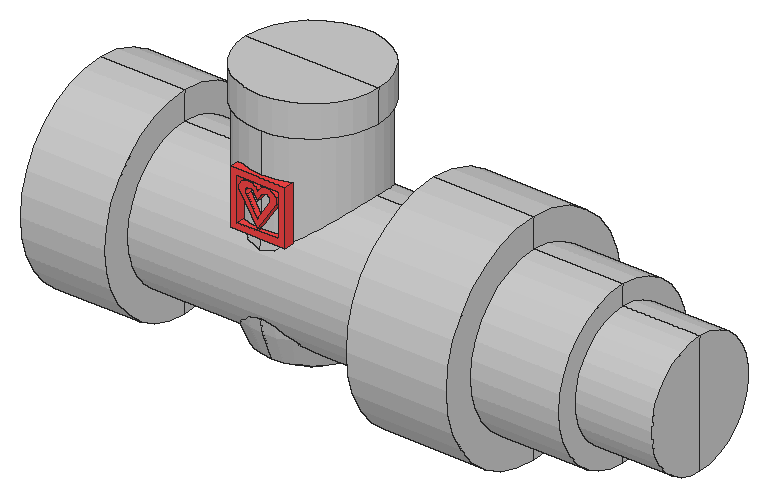
Revit family "RL-1 Return Valve Straight Model 3723", category Rohrzubehör, Revit 2020
Family settings
  Bemaßung runder Anschluss = Durchmesser verwenden
  Teiletyp = Unterbricht
  OmniClass-Nummer = 23.65.55.14
  OmniClass-Titel = Valves for Liquid Services
  Arbeitsebenenbasiert = Nein
  Immer vertikal = Nein
  Beim Laden mit Abzugskörper schneiden = Nein
  Gemeinsam genutzt = Nein
Parameters
  W01 = 60.00°  # constant formula
  Vorgabe-Ansicht = 0.000 mm
  URL = "www.herzvalves.com"
  SCRNSEQ = "ARM;ARM_TYP=\"ALLF\";2"
  SCRNCODE = "05;01;02"  # constant formula
  S04 = 45.000 mm  # constant formula
  S03 = 61.000 mm  # constant formula
  S02 [instance] = L05 + L06 + L07  # 63.900 mm
  S01 = 10.000 mm  # constant formula
  R06 = 11.000 mm  # constant formula
  R05 = 25.000 mm  # constant formula
  R04 = 2.000 mm  # constant formula
  R03 = 28.000 mm  # constant formula
  R02 = 11.500 mm  # constant formula
  R01 = 10.500 mm  # constant formula
  Part number [instance] = size_lookup("3723_1_", "Artnr", 0, Nennweite)  # 1372342
  Nennweite [instance] = 20.000 mm
  Model = "All models are nickel-plated and are universal models with special socket for threaded pipe and compression union."
  Medium = "Hot water purity according to Austrian standard ÖNORM H 5195 and/or VDI guideline 2035."
  Max. operating temperature = 110 °C  # constant formula
  Max. operating pressure = 1000000.0 Pa  # constant formula
  LO1 = 7.000 mm  # constant formula
  L07 [instance] = size_lookup("3723_1_", "L7", 1.000 mm, Nennweite)  # 27.400 mm
  L06 [instance] = size_lookup("3723_1_", "L6", 1.000 mm, Nennweite)  # 16.500 mm
  L05 [instance] = L02 - L04  # 20.000 mm
  L04 [instance] = size_lookup("3723_1_", "L4", 1.000 mm, Nennweite)  # 10.000 mm
  L03 [instance] = size_lookup("3723_1_", "L3", 1.000 mm, Nennweite)  # 14.000 mm
  L02 [instance] = size_lookup("3723_1_", "L2", 1.000 mm, Nennweite)  # 30.000 mm
  L01 [instance] = size_lookup("3723_1_", "L1", 1.000 mm, Nennweite)  # 35.000 mm
  Hersteller = "HERZ Armaturen Ges.m.b.H."  # constant formula
  H05 = 5.200 mm  # constant formula
  H04 = 3.500 mm  # constant formula
  H03 = 28.000 mm  # constant formula
  H02 [instance] = 25.500 mm  # constant formula
  H01 = 17.000 mm  # constant formula
  Body = "nickel-plated"  # constant formula
  GTI [instance] = size_lookup("3723_1_", "GT1", 1.000 mm, Nennweite)  # 12.700 mm
  GT [instance] = size_lookup("3723_1_", "GT", 1.000 mm, Nennweite)  # 9.500 mm
  G2 [instance] = Nennweite / 2  # 10.000 mm
  G1 [instance] = Nennweite / 2  # 10.000 mm
  D05 [instance] = size_lookup("3723_1_", "D5", 1.000 mm, Nennweite)  # 13.220 mm
  D04 [instance] = size_lookup("3723_1_", "D4", 1.000 mm, Nennweite)  # 18.000 mm
  D03 [instance] = size_lookup("3723_1_", "D3", 1.000 mm, Nennweite)  # 13.000 mm
  D02 [instance] = size_lookup("3723_1_", "D2", 1.000 mm, Nennweite)  # 12.000 mm
  D01 [instance] = size_lookup("3723_1_", "D1", 1.000 mm, Nennweite)  # 16.500 mm
  Application = "Hot Water Heating Systems\r\nAfter installation of the return valve it is possible to close the radiator return connection.\r\nWhen the intake valve is closed simultaneously (0-position for thermostatic valves) it is possible to remove the radiator while the heating system remains under pressure.\r\nThus, it is possible to perform servicing operations and to work behind the radiator (wall-papering, laying tiles) without having to switch off the rest of the system.\r\nIf presetting of the return valve or filling and draining of the radiators or of the entire system through the return valve is required, we recommend using the HERZ-RL-5 return valve."
Reference planes
  plane 1 "Mitte (Vorne/hinten)": y = 0
  plane 2: z = 0
  plane 3 "Mitte (Links/rechts)": x = 0
Forms (mm)
  Revolve 1, solid, material "Messing, weicher Gelbton, geschweißt", detail levels fine
    sketch origin (0, 0, 0) x (1, 0, 0) y (0, 0, 1)
      loop
        line (-25.5, 0) -> (30, 0) -> (30, 13) -> (20, 13) -> (20, 12) -> (-21, 12) -> (-21, 16.5) -> (-35, 16.5) -> (-35, 10) -> (-25.5, 10) -> (-25.5, 0)
      axis (-35, 0) -> (30, 0)
    angle from 0 to 360
  Revolve 2, solid, material "Messing, weicher Gelbton, geschweißt", detail levels fine
    sketch origin (0, 0, 0) x (0, 1, 0) y (0, 0, 1)
      loop
        line (0, 25.5) -> (-10.5, 25.5) -> (-10.5, 7)
        arc (-10.5, 7) -> (-11.341, -2.816) -> (-8.325, -12.194) r 25
        line (-8.325, -12.194) -> (0, -17) -> (0, 25.5)
      axis (0, -17) -> (0, 25.5)
    angle from 0 to 360
  Revolve 3, solid, material "Messing, weicher Gelbton, geschweißt", detail levels fine
    sketch origin (0, 0, 0) x (1, 0, 0) y (0, 0, 1)
      loop
        line (30, 0) -> (63.9, 0) -> (63.9, 10) -> (51.2, 10) -> (51.2, 13.22) -> (36.5, 13.22) -> (36.5, 18) -> (20, 18) -> (20, 13) -> (30, 13) -> (30, 0)
      axis (20, 0) -> (63.9, 0)
    angle from 0 to 360
  Revolve 4, solid, material "Messing, weicher Gelbton, geschweißt", detail levels fine
    sketch origin (0, 0, 0) x (1, 0, 0) y (0, 0, 1)
      loop
        line (0, 22.8) -> (11, 22.8) -> (11, 28) -> (0, 28) -> (0, 22.8)
      axis (0, 28) -> (0, 22.8)
    angle from 0 to 360
Lines and regions (mm)
  model lines, detail levels coarse+medium
    curve 1: line (-35, 0, 16.5) -> (-35, 0, -16.5)
    curve 2: line (-35, 0, -16.5) -> (35, 0, 16.5)
    curve 3: line (35, 0, 16.5) -> (35, 0, -16.5)
    curve 4: line (35, 0, -16.5) -> (-35, 0, 16.5)
    curve 5: line (35, 0, 16.5) -> (45, 0, 16.5)
    curve 6: line (45, 0, 16.5) -> (35, 0, 0)
    curve 7: line (35, 0, -16.5) -> (45, 0, -16.5)
    curve 8: line (45, 0, -16.5) -> (35, 0, 0)
    curve 9: line (35, 0, 0) -> (63.9, 0, 0)
    curve 10: line (-35, 16.5, 0) -> (-35, -16.5, 0)
    curve 11: line (-35, -16.5, 0) -> (35, 16.5, 0)
    curve 12: line (35, 16.5, 0) -> (35, -16.5, 0)
    curve 13: line (35, -16.5, 0) -> (-35, 16.5, 0)
    curve 14: line (35, 16.5, 0) -> (45, 16.5, 0)
    curve 15: line (45, 16.5, 0) -> (35, 0, 0)
    curve 16: line (35, -16.5, 0) -> (45, -16.5, 0)
    curve 17: line (45, -16.5, 0) -> (35, 0, 0)
Dimensions and locks
  "L01": Revolve 1 sketch curve to plane 3 "Mitte (Links/rechts)"
  "L02": Revolve 1 sketch curve to plane 3 "Mitte (Links/rechts)"
  "G1": Revolve 1 sketch curve to plane 2
  "GT": Revolve 1 sketch curve to Revolve 1 sketch curve
  "D01": Revolve 1 sketch curve to Revolve 1 sketch curve
  "D02": Revolve 1 sketch curve to Revolve 1 sketch curve
  "D03": Revolve 1 sketch curve to Revolve 1 sketch curve
  "L03": Revolve 1 sketch curve to Revolve 1 sketch curve
  "L04": Revolve 1 sketch curve to Revolve 1 sketch curve
  "H01": plane 2 to Revolve 2 sketch curve
  "H02": Revolve 2 sketch curve to plane 2
  "R01": Revolve 2 sketch curve to plane 1 "Mitte (Vorne/hinten)"
  "R02": Revolve 2 sketch curve to plane 1 "Mitte (Vorne/hinten)"
  "D03": Revolve 3 sketch curve to plane 2
  "L04": Revolve 3 sketch curve to Revolve 3 sketch curve
  "L05": Revolve 3 sketch curve to plane 3 "Mitte (Links/rechts)"
  "L06": Revolve 3 sketch curve to Revolve 3 sketch curve
  "L07": Revolve 3 sketch curve to Revolve 3 sketch curve
  "D04": Revolve 3 sketch curve to Revolve 3 sketch curve
  "G2": Revolve 3 sketch curve to Revolve 3 sketch curve
  "D05": Revolve 3 sketch curve to Revolve 3 sketch curve
  "GTI": Revolve 3 sketch curve to Revolve 3 sketch curve
  "LO1": nested 1 to plane 2
  "D01": curve 4 to plane 2 to curve 2
  "D01": curve 3 to plane 2 to curve 4
  "L01": curve 1 to plane 3 "Mitte (Links/rechts)" to curve 3
  "S01": curve 3 to curve 6
  "S02": curve 9 to plane 3 "Mitte (Links/rechts)"
  "L01": curve 10 to plane 3 "Mitte (Links/rechts)" to curve 12
  "D01": curve 11 to plane 1 "Mitte (Vorne/hinten)" to curve 13
  "D01": curve 13 to plane 1 "Mitte (Vorne/hinten)" to curve 12
  "S01": curve 12 to curve 15
  "S01": curve 12 to curve 17
  "H03": Revolve 4 sketch curve to plane 2
  "H05": Revolve 4 sketch curve to Revolve 4 sketch curve
  "R06": Revolve 4 sketch curve to Revolve 4 sketch curve
  "R05": radius of Revolve 2 sketch curve
  "W01": angle Revolve 2 sketch curve to Revolve 2 sketch curve
  aligned and locked: level to plane 2
Automatic sketch dimensions
  curve 9 to level = 0.000 mm
  curve 3 to curve 8 = 10.000 mm
  plane 1 "Mitte (Vorne/hinten)" to curve 17 = 0.000 mm
  Revolve 1 sketch curve to level = 0.000 mm  (x2)
  Revolve 1 sketch curve to Revolve 1 sketch curve = 1436.530 mm
  Revolve 1 sketch curve to Revolve 1 sketch curve = 1779.148 mm
  Revolve 2 sketch curve to plane 1 "Mitte (Vorne/hinten)" = 0.000 mm  (x2)
  Revolve 2 sketch curve to level = 0.000 mm
  Revolve 2 sketch curve to Revolve 2 sketch curve = 98.333 mm
  Revolve 2 sketch curve to Revolve 2 sketch curve = 1236.335 mm
  Revolve 3 sketch curve to level = 0.000 mm  (x2)
  Revolve 3 sketch curve to plane 3 "Mitte (Links/rechts)" = 1506.530 mm
  Revolve 3 sketch curve to Revolve 3 sketch curve = 1789.648 mm
  Revolve 4 sketch curve to plane 3 "Mitte (Links/rechts)" = 0.000 mm  (x2)
  Revolve 4 sketch curve to level = 366.045 mm
  Revolve 4 sketch curve to Revolve 4 sketch curve = 2188.615 mm
Nested families
  nested 1: "Herz-Logo-vorne" at (0, -10.5, 11.5) x (0, 1, 0) z (0, 0, 1), type "Herz-Logo-vorne", detail levels fine
Connectors
  piping at (-25.5, 0, 0), diameter 20, driven by "Nennweite"
    settings: on Revolve 1, index 1, connector inside diameter 609.6 mm, connector length 0.000 mm, flow factor 0, pipe flow 0.0 L/s, pressure drop 0.0 Pa, fitting loss kfactor 0, connector angle 0.00°, fixture units 0, engagement length 0.000 mm, angle of deflection 0.00°, flow configuration 0, flow direction 1, fitting loss method 0, system type 8, joint type 0, gender type 0, connector reference index -1, connector utility 0, adjustable connector no, is connector primary yes, connector description ""
  piping at (63.9, 0, 0), diameter 20, driven by "Nennweite"
    settings: on Revolve 3, index 2, connector inside diameter 609.6 mm, connector length 0.000 mm, flow factor 0, pipe flow 0.0 L/s, pressure drop 0.0 Pa, fitting loss kfactor 0, connector angle 0.00°, fixture units 0, engagement length 0.000 mm, angle of deflection 0.00°, flow configuration 0, flow direction 2, fitting loss method 0, system type 8, joint type 0, gender type 0, connector reference index -1, connector utility 0, adjustable connector no, is connector primary no, connector description ""
Definition of nested family "Herz-Logo-vorne"
  Parameters (values of type "Herz-Logo-vorne")
    Default Elevation = 0.000 mm
  Reference planes
    plane 1 "Mitte (Vorne/hinten)": y = 0
    plane 2: z = 0
    plane 3 "Mitte (Links/rechts)": x = 0
  Forms (mm)
    Extrusion 1, solid
      sketch origin (0.732, -0.018, 0.017) x (0, -1, 0) y (0, 0, 1)
        loop
          line (-0.018, -4.517) -> (4.482, -4.517) -> (4.482, 4.483) -> (-4.518, 4.483) -> (-4.518, -4.517) -> (-0.018, -4.517)
        loop
          line (-0.05, -3.48) -> (3.482, -3.48) -> (3.482, 3.483) -> (-3.518, 3.483) -> (-3.518, -3.48) -> (-0.05, -3.48)
        loop
          arc (-0.018, 2.383) -> (-1.543, 3.287) -> (-3.067, 2.383) r 1.738
          arc (-3.067, 2.383) -> (-3.191, 1.899) -> (-3.067, 1.415) r 1.009
          line (-3.067, 1.415) -> (-0.018, -3.281) -> (3.032, 1.415)
          arc (3.032, 1.415) -> (3.156, 1.899) -> (3.032, 2.383) r 1.009
          arc (3.032, 2.383) -> (1.507, 3.287) -> (-0.018, 2.383) r 1.738
        loop
          arc (1.885, 1.272) -> (2.005, 1.675) -> (1.885, 2.079) r 0.74
          arc (1.885, 2.079) -> (1.265, 2.416) -> (0.644, 2.079) r 0.74
          line (0.644, 2.079) -> (-0.018, 0.97) -> (-0.679, 2.079)
          arc (-0.679, 2.079) -> (-1.3, 2.416) -> (-1.921, 2.079) r 0.74
          arc (-1.921, 2.079) -> (-2.04, 1.675) -> (-1.921, 1.272) r 0.74
          line (-1.921, 1.272) -> (-0.018, -1.658) -> (1.885, 1.272)
      from 0 to 1.5
  Dimensions and locks
    aligned and locked: level to plane 2
